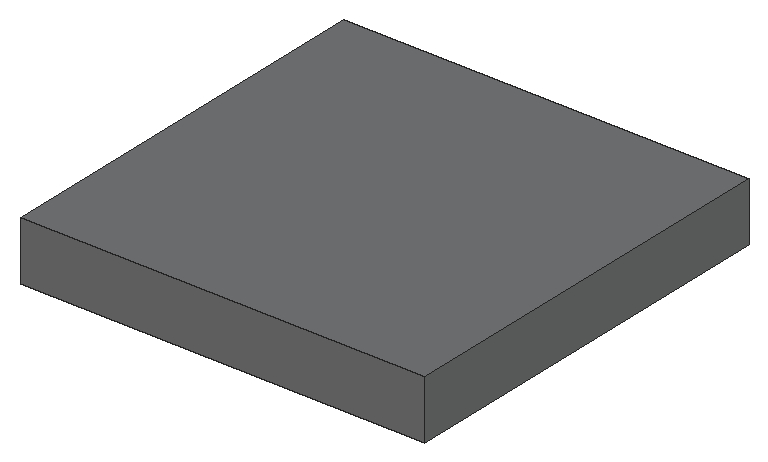
Revit family "Gira_029401", category Electrical Fixtures, host Face, Revit 2017
Family settings
  Host = Face
  Maintain Annotation Orientation = No
  Round Connector Dimension = Use Diameter
  Part Type = Normal
  Cut with Voids When Loaded = No
  Shared = No
  Room Calculation Point = No
Parameters (values of type "Wippe 2f Pfeilsymbol System 55 Cremeweiß")
  Werkstoffgüte = "Thermoplast"
  Werkstoff = "Kunststoff"
  Verwendung = "Jalousie"
  URL = "http://katalog.gira.de/de_DE/datenblatt.html?artikelnr=029401"
  Region = "DE"
  RAL-Nummer (ähnlich) = "1013 "
  Oberfläche = "sonstige"
  Name = "Wippe 2f Pfeilsymbol System 55 Cremeweiß"
  Mit austauschbarer Linse/Symbol = "No"
  Mit Beschriftungsfeld = "No"
  Manufacturer URL = "https://www.gira.de/"
  Kontrollfenster/Lichtauslass = "No"
  Keynote = "Sys55_Abdeckung_Schalten und Tasten"
  HeinzeBIM = "https://bimportal.heinze.de/bim/wippe-2f-pfeilsymbol-system-55-cremeweiss/0500fd57851c521d176811a8b110eba78440003b"
  Halogenfrei = "Yes"
  HAN = "029401"
  Geeignet für Schutzart (IP) = "IP20"
  Geeignet für Bussystem-Tasterankopplung = "No"
  GTIN = "4010337294016"
  Farbe = "cremeweiß (elektroweiß)"
  Default Elevation = 1219.2 mm
  Data sheet (1) = "https://katalog.gira.de/de_DE/download.html?artikelnr=029401"
  Category = "Abdeckung/Bedienelement für Installationsschalterprogramme"
  Befestigungsart = "Klemmbefestigung"
  Available = "Yes"
  Ausführung der Oberfläche = "glänzend"
  Ausführung = "zweiteilige Wippe"
  Aufdruck/Kennzeichnung = "diverse Symbole"
  Anthrazit [instance] = Anthrazit
  Abtastbares Symbol/barrierefrei = "No"
Reference planes
  plane 1 "Center (Front/Back)": y = 0
  plane 2: z = 0
  plane 3 "Center (Left/Right)": x = 0
Forms (mm)
  Extrusion 1, solid, material "Anthrazit" <- "Anthrazit", detail levels fine
    sketch origin (0, 0, 0) x (1, 0, 0) y (0, 1, 0)
      loop
        line (-27.5, 27.5) -> (-27.5, -27.5) -> (27.5, -27.5) -> (27.5, 27.5) -> (-27.5, 27.5)
    from 0 to 8
  Extrusion 2, void
    sketch origin (0, 0, 0) x (1, 0, 0) y (0, 1, 0)
      loop
        line (26, 26) -> (-26, 26) -> (-26, -26) -> (26, -26) -> (26, 26)
    from 0 to 6
  Extrusion 3, solid, material "Anthrazit" <- "Anthrazit", detail levels medium
    sketch origin (0, 0, 0) x (1, 0, 0) y (0, 1, 0)
      loop
        line (-27.5, 27.5) -> (-27.5, -27.5) -> (27.5, -27.5) -> (27.5, 27.5) -> (-27.5, 27.5)
    from 0 to 8
  Extrusion 4, solid, material "Anthrazit" <- "Anthrazit", detail levels medium
    sketch origin (0, 0, 0) x (1, 0, 0) y (0, 1, 0)
      loop
        line (11, -17.5) -> (11, 17.5) -> (-11, 17.5) -> (-11, -17.5) -> (11, -17.5)
    from -6 to 6
  Extrusion 5, solid, material "Anthrazit" <- "Anthrazit", detail levels fine
    sketch origin (0, 0, 0) x (1, 0, 0) y (0, 1, 0)
      loop
        line (11, 17.5) -> (-11, 17.5) -> (-11, 16.5) -> (11, 16.5) -> (11, 17.5)
      loop
        line (-11, -16.5) -> (-11, -17.5) -> (11, -17.5) -> (11, -16.5) -> (-11, -16.5)
    from -4 to 6
  Extrusion 6, solid, material "Anthrazit" <- "Anthrazit", detail levels fine
    sketch origin (0, 0, 0) x (1, 0, 0) y (0, 1, 0)
      loop
        arc (5, 9.347) -> (0, 10.6) -> (-5, 9.347) r 10.6
        line (-5, 9.347) -> (-5, -9.347)
        arc (-5, -9.347) -> (0, -10.6) -> (5, -9.347) r 10.6
        line (5, -9.347) -> (5, 9.347)
    from -6 to 6
  Extrusion 7, solid, material "Anthrazit" <- "Anthrazit", detail levels coarse
    sketch origin (0, 0, 0) x (1, 0, 0) y (0, 1, 0)
      loop
        line (-27.5, 27.5) -> (-27.5, -27.5) -> (27.5, -27.5) -> (27.5, 27.5) -> (-27.5, 27.5)
    from -6 to 8
Cuts and joins
  Extrusion 2 cuts Extrusion 1
Dimensions and locks
  aligned and locked: plane 2 to host face
  aligned and locked: level to host face
